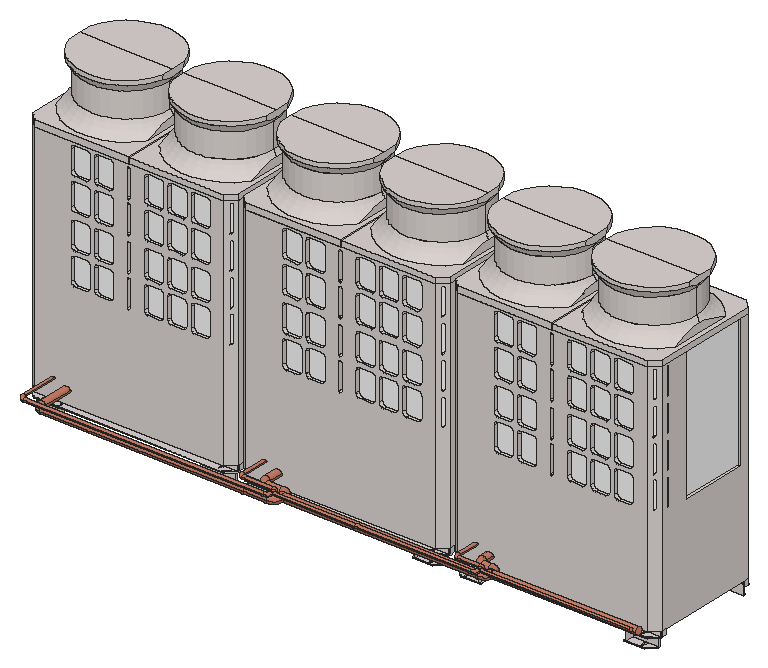
Revit family "PUHY-EP1100YSNW-A1", category 機械設備, Revit 2016 (continued)
Definition of nested family "PUHY-EP350YNW-A1"
  Dimensions and locks
    Extrusion 19 sketch curve to Extrusion 19 sketch curve = 170.800 mm
    Extrusion 20 sketch curve to Extrusion 20 sketch curve = 116.800 mm
    Extrusion 20 sketch curve to Extrusion 20 sketch curve = 170.800 mm
    Extrusion 21 sketch curve to Extrusion 21 sketch curve = 116.800 mm
    Extrusion 21 sketch curve to Extrusion 21 sketch curve = 170.800 mm
    plane 3 "Center (Left/Right)" to cut or joined group 1 (Extrusion 1, Extrusion 2, Extrusion 3, Extrusion 4, Extrusion 5, Extrusion 6, Extrusion 7, Extrusion 8, Extrusion 9, Extrusion 10, Extrusion 11, Extrusion 12, Extrusion 13, Extrusion 14, Extrusion 15, Extrusion 16, Extrusion 17, Extrusion 18, Extrusion 19, Extrusion 20, Extrusion 21, Extrusion 22, Extrusion 23, Extrusion 24, Extrusion 25, Extrusion 26, Extrusion 27, Extrusion 28, Extrusion 29, Extrusion 30, Extrusion 31, Extrusion 32, Extrusion 33) = 620.000 mm
    cut or joined group 1 to plane 3 "Center (Left/Right)" = 620.000 mm
    Extrusion 1 sketch curve to Extrusion 1 sketch curve = 1240.000 mm
    cut or joined group 1 to plane 8 = 185.000 mm
    cut or joined group 1 to plane 7 = 166.000 mm
    cut or joined group 1 to plane 6 = 110.000 mm
    cut or joined group 1 to plane 12 to cut or joined group 1 = 805.000 mm, 621.000 mm
    plane 5 to plane 2 = 1858.000 mm  (x2)
    cut or joined group 1 to plane 19 "132" = 132.000 mm
    cut or joined group 1 to plane 22 = 207.000 mm
    cut or joined group 1 to plane 23 = 256.000 mm
    cut or joined group 1 to plane 6 = 60.000 mm
    cut or joined group 1 to cut or joined group 1 = 42.154 mm
    cut or joined group 1 to cut or joined group 1 = 11.895 mm
    nested 1 to nested 3 to level = 1798.000 mm, 60.000 mm
    nested 1 to nested 1 = 303.000 mm
    nested 1 to nested 3 = 1495.000 mm
    nested 8 to nested 8 to nested 8 to nested 7 to nested 7 to nested 7 = 54.000 mm, 20.000 mm, 592.000 mm, 20.000 mm, 54.000 mm
    nested 3 to nested 3 = 56.000 mm
    plane 11 to plane 31 to plane 32 to cut or joined group 1 = 90.000 mm, 1060.000 mm, 90.000 mm
    curve 103 to nested 7 = 90.000 mm
    curve 104 to nested 7 = 125.000 mm
    curve 101 to nested 7 = 100.000 mm
    curve 11 to curve 13 to nested 7 = 84.000 mm, 71.000 mm
    cut or joined group 1 to curve 12 to curve 14 = 125.000 mm, 148.000 mm
    nested 2 to nested 7 = 1495.000 mm
    curve 87 to cut or joined group 1 = 152.000 mm
    curve 88 to cut or joined group 1 = 172.000 mm
    curve 89 to cut or joined group 1 = 216.000 mm
    cut or joined group 1 to curve 4 to curve 2 = 128.000 mm, 150.000 mm
    cut or joined group 1 to curve 1 to curve 3 = 79.000 mm, 94.000 mm
    Extrusion 32 sketch curve to nested 7 = 116.000 mm
    cut or joined group 1 to Extrusion 32 sketch curve = 160.000 mm
    cut or joined group 1 to Extrusion 33 sketch curve = 243.000 mm
    Extrusion 33 sketch curve to nested 7 = 116.000 mm
    cut or joined group 1 to cut or joined group 1 = 740.000 mm
    plane 30 to plane 4 = 740.000 mm
    aligned and locked: level to plane 2
    aligned and locked: Extrusion 1 to plane 4
  Nested families
    nested 1: "FAN GUARD" at (-311.5, 2, 860), type "FAN GUARD"
      with WIDTH 870.000 mm
    nested 2: "FAN GUARD" at (311.5, 2, 860) x (-1, 0, 0) z (0, 0, 1), type "FAN GUARD"
      with WIDTH 870.000 mm
    nested 3: "ATTACHMENT LEG" at (-524, -349, 0), type "ATTACHMENT LEG"
    nested 4: "ATTACHMENT LEG" at (-524, 349, 0), type "ATTACHMENT LEG"
    nested 5: "ATTACHMENT LEG" at (524, -349, 0) x (-1, 0, 0) z (0, 0, 1), type "ATTACHMENT LEG"
    nested 6: "ATTACHMENT LEG" at (524, 349, 0) x (-1, 0, 0) z (0, 0, 1), type "ATTACHMENT LEG"
    nested 7: "BASE LEG_L_" at (0, -352, 60), type "BASE LEG_L_"
      with Width 1240.000 mm
    nested 8: "BASE LEG_L_" at (0, 352, 60), type "BASE LEG_L_"
      with Width 1240.000 mm
  Connectors
    piping at (-460, -191, 176), diameter 25.4, driven by "Liquid pipe_radius"
      settings: on cut or joined group 1, index 3, connector inside diameter 25.4 mm, connector length 0.000 mm, flow factor 0, pipe flow 0.0 L/s, pressure drop 0.0 Pa, fitting loss kfactor 0, connector angle 0.00°, fixture units 0, engagement length 0.000 mm, angle of deflection 0.00°, flow configuration 0, flow direction 0, fitting loss method 0, system type 22, joint type 0, gender type 0, connector reference index -1, connector utility 0, adjustable connector no, is connector primary yes, connector description "Refrigerant service valve<Liquid pipe>"
    piping at (-377, -191, 176), diameter 28.58, driven by "Gas pipe_radius"
      settings: on cut or joined group 1, index 4, connector inside diameter 28.58 mm, connector length 0.000 mm, flow factor 0, pipe flow 0.0 L/s, pressure drop 0.0 Pa, fitting loss kfactor 0, connector angle 0.00°, fixture units 0, engagement length 0.000 mm, angle of deflection 0.00°, flow configuration 0, flow direction 0, fitting loss method 0, system type 22, joint type 0, gender type 0, connector reference index -1, connector utility 0, adjustable connector no, is connector primary no, connector description "Refrigerant service valve<Gas>"
    electrical at (0, -370, 808)
      settings: on cut or joined group 1, index 5, voltage 0 V, apparent load 0 VA, apparent load phase1 0 VA, apparent load phase2 0 VA, apparent load phase3 0 VA, power factor 1, load classification none, number of poles 1, system type 30, power factor state 1, is connector primary yes, connector utility no, sub classification motor no, connector description ""
  Definition of nested family "FAN GUARD"
    Parameters
      WIDTH [instance] = 870.000 mm
    Reference planes
      plane 1 "中心(正面/背面)": y = -2
      plane 2: z = 0
      plane 3 "ファンガード基準面": z = 661
      plane 4: y = 368
      plane 5: x = 366
      plane 6: x = -375
      plane 7 "ファンガード基準上面": z = 695
      plane 8 "ファンガード上面": z = 998
      plane 9: x = -273.971
      plane 10: x = 308.5
      plane 11: x = -308.5
      plane 12: x = 0
    Forms (mm)
      Extrusion 1, solid
        sketch origin (85, 0, 661) x (-1, 0, 0) y (0, -1, 0)
          loop
            line (343.5, -368) -> (393.5, -318) -> (393.5, 322) -> (343.5, 372) -> (-223.5, 372) -> (-223.5, -368) -> (343.5, -368)
        from 0 to 34
      Revolve 2, solid
        sketch origin (0, -2, 0) x (1, 0, 0) y (0, 0, 1)
          loop
            line (0, 695) -> (0, 998) -> (-290, 998) -> (-290, 972.327) -> (-260, 928.372) -> (-260, 777.384)
            arc (-260, 777.384) -> (-290.651, 730.137) -> (-334.665, 695) r 175.882
            line (-334.665, 695) -> (0, 695)
          axis (0, 998) -> (0, 695)
        angle from 0 to 360
      Extrusion 3, void
        sketch origin (-840, 75, 695) x (-1, 0, 0) y (0, -1, 0)
          loop
            line (-410, -165) -> (-410, 315) -> (-561.253, 315) -> (-561.253, -165) -> (-410, -165)
        from -35 to 430.592
      Extrusion 4, void
        sketch origin (840, 75, 695) x (1, 0, 0) y (0, 1, 0)
          loop
            line (-410, 165) -> (-561.253, 165) -> (-561.253, -315) -> (-410, -315) -> (-410, 165)
        from 0 to 430.592
    Cuts and joins
      Extrusion 3, Extrusion 4 cuts Revolve 2
      Extrusion 4 cuts Extrusion 1
    Lines and regions (mm)
      model lines
        curve 1: line (-278.747, 0, 998) -> (-80, 0, 998)
        curve 2: line (80, 0, 998) -> (278.747, 0, 998)
        curve 3: circle (0, 0, 998) r 80 normal (0, 0, 1)
        curve 4: line (-278.747, -80, 998) -> (278.747, -80, 998)
        curve 5: line (-241.868, -160, 998) -> (241.868, -160, 998)
        curve 6: line (-162.788, -240, 998) -> (162.788, -240, 998)
        curve 7: line (-278.747, 80, 998) -> (278.747, 80, 998)
        curve 8: line (-241.868, 160, 998) -> (240, 160, 998)
        curve 9: line (-160, 240, 998) -> (162.788, 240, 998)
        curve 10: line (0, 290, 998) -> (0, -290, 998)
        curve 11: line (-20, 289.31, 998) -> (-20, -289.31, 998)
        curve 12: line (-40, 287.228, 998) -> (-40, -287.228, 998)
        curve 13: line (-60, 283.725, 998) -> (-60, -283.725, 998)
        curve 14: line (-80, 278.747, 998) -> (-80, -278.747, 998)
        curve 15: line (20, 289.31, 998) -> (20, -289.31, 998)
        curve 16: line (40, 287.228, 998) -> (40, -287.228, 998)
        curve 17: line (60, 283.725, 998) -> (60, -283.725, 998)
        curve 18: line (80, 278.747, 998) -> (80, -278.747, 998)
        curve 19: line (100, 272.213, 998) -> (100, -272.213, 998)
        curve 20: line (120, 264.008, 998) -> (120, -264.008, 998)
        curve 21: line (140, 253.969, 998) -> (140, -253.969, 998)
        curve 22: line (160, 241.868, 998) -> (160, -243.132, 998)
        curve 23: line (180, 227.376, 998) -> (180, -227.624, 998)
        curve 24: line (200, 210, 998) -> (200, -210, 998)
        curve 25: line (220, 188.944, 998) -> (220, -188.944, 998)
        curve 26: line (240, 160, 998) -> (240, -162.788, 998)
        curve 27: line (260, 128.452, 998) -> (260, -128.452, 998)
        curve 28: line (-100, 272.213, 998) -> (-100, -272.213, 998)
        curve 29: line (-120, 264.008, 998) -> (-120, -264.008, 998)
        curve 30: line (-140, 253.969, 998) -> (-140, -253.969, 998)
        curve 31: line (-160, 240, 998) -> (-160, -241.868, 998)
        curve 32: line (-180, 227.376, 998) -> (-180, -227.376, 998)
        curve 33: line (-200, 210, 998) -> (-200, -210, 998)
        curve 34: line (-220, 188.944, 998) -> (-220, -188.944, 998)
        curve 35: line (-240, 162.788, 998) -> (-240, -162.788, 998)
        curve 36: line (-260, 128.452, 998) -> (-260, -128.452, 998)
        curve 37: line (10, 79.373, 998) -> (10, -79.373, 998)
        curve 38: line (-10, 79.373, 998) -> (-10, -79.373, 998)
        curve 39: line (30, 74.162, 998) -> (30, -74.162, 998)
        curve 40: line (50, 62.45, 998) -> (50, -62.45, 998)
        curve 41: line (70, 38.73, 998) -> (70, -38.73, 998)
        curve 42: line (-30, 74.162, 998) -> (-30, -74.162, 998)
        curve 43: line (-50, 62.45, 998) -> (-50, -62.45, 998)
        curve 44: line (-70, 38.73, 998) -> (-70, -38.73, 998)
    Dimensions and locks
      locked: plane 8 "ファンガード上面" to plane 7 "ファンガード基準上面" at 303
      plane 8 "ファンガード上面" to plane 3 "ファンガード基準面" = 337.000 mm
      Revolve 2 sketch curve to Revolve 2 sketch curve = 290.000 mm
      Extrusion 1 sketch curve to Extrusion 1 sketch curve = 740.000 mm
      equal spacing: Extrusion 1 sketch curve, plane 1 "中心(正面/背面)", Extrusion 1 sketch curve
      plane 6 to plane 5 = 741.000 mm
      Extrusion 1 sketch curve to Extrusion 1 sketch curve = 617.000 mm
      plane 11 to plane 10 = 617.000 mm
      cut or joined group of Extrusion 1, Extrusion 4 to cut or joined group of Extrusion 1, Extrusion 4 = 617.000 mm
      cut or joined group of Extrusion 1, Extrusion 4 to cut or joined group of Extrusion 1, Extrusion 4 = 740.000 mm
      aligned and locked: level to plane 2
      aligned and locked: plane 7 "ファンガード基準上面" to Extrusion 1
      aligned and locked: plane 3 "ファンガード基準面" to Extrusion 1
      aligned and locked: cut or joined group of Revolve 2, Extrusion 3, Extrusion 4 to plane 8 "ファンガード上面"
  Definition of nested family "ATTACHMENT LEG"
    Parameters
      Width = 145.000 mm
    Reference planes
      plane 1: z = 0
      plane 2 "中心(左/右)": x = -6
      plane 3: x = -52
      plane 4: x = 85
      plane 5: x = 93
      plane 6: y = -21
      plane 7: y = 27
      plane 8: x = -30
      plane 9: y = 39
      plane 10: z = 60
      plane 11: z = 57
      plane 12: z = 3
      plane 13: x = 82
      plane 14: y = 36
      plane 15: x = -75
      plane 16: y = 31
      plane 17 "幅": x = 93
      plane 18: y = 2.5
      plane 19: y = 21
      plane 20: y = -10
    Forms (mm)
      Extrusion 1, solid
        sketch origin (0, -1, 0) x (1, 0, 0) y (0, 1, 0)
          loop
            line (-75, 36) -> (-75, 27) -> (-28, -20) -> (93, -20) -> (93, 32) -> (85, 32) -> (85, 36) -> (-75, 36)
        from 0 to 60
      Extrusion 2, void
        sketch origin (0, -3, 0) x (1, 0, 0) y (0, 0, 1)
          loop
            line (-75, 57) -> (-75, 3) -> (82, 3) -> (82, 57) -> (-75, 57)
          loop
            line (93, 57) -> (85, 57) -> (85, 3) -> (93, 3) -> (93, 57)
        from -35 to 18
      Extrusion 3, void
        sketch origin (-6, 5.5, 0) x (1, 0, 0) y (0, 1, 0)
          loop
            arc (-7, -8.5) -> (0, -15.5) -> (7, -8.5) r 7
            line (7, -8.5) -> (7, 8.5)
            arc (7, 8.5) -> (0, 15.5) -> (-7, 8.5) r 7
            line (-7, 8.5) -> (-7, -8.5)
        from 0 to 60
    Cuts and joins
      Extrusion 2, Extrusion 3 cuts Extrusion 1
    Dimensions and locks
      locked: plane 3 to plane 4 at 137
      locked: plane 3 to plane 5 at 145
      plane 6 to plane 7 = 48.000 mm
      locked: plane 10 to level at 60
      Extrusion 3 sketch curve to plane 2 "中心(左/右)" = 7.000 mm
      locked: plane 15 to plane 2 "中心(左/右)" at 69
      locked: plane 15 to plane 8 at 45
      locked: plane 6 to plane 18 at 23.5
      cut or joined group of Extrusion 1, Extrusion 2, Extrusion 3 to cut or joined group of Extrusion 1, Extrusion 2, Extrusion 3 = 168.000 mm
      cut or joined group of Extrusion 1, Extrusion 2, Extrusion 3 to cut or joined group of Extrusion 1, Extrusion 2, Extrusion 3 = 56.000 mm  (x2)
      plane 14 to plane 6 = 57.000 mm
      aligned and locked: level to plane 1
      aligned and locked: Extrusion 1 sketch curve to plane 4
      aligned and locked: Extrusion 1 sketch curve to plane 5
      aligned: plane 8 to Extrusion 1 sketch curve
      aligned and locked: plane 10 to Extrusion 1
      aligned and locked: Extrusion 2 sketch curve to plane 11
      aligned: plane 3 to Extrusion 2 sketch curve
      aligned and locked: plane 12 to Extrusion 2 sketch curve
      aligned and locked: Extrusion 2 sketch curve to plane 13
      aligned and locked: plane 6 to Extrusion 2
      aligned and locked: plane 11 to Extrusion 2 sketch curve
      aligned and locked: plane 5 to Extrusion 2 sketch curve
      aligned and locked: Extrusion 2 sketch curve to plane 12
      aligned and locked: Extrusion 2 sketch curve to plane 4
      aligned and locked: plane 15 to Extrusion 1 sketch curve
      aligned and locked: Extrusion 2 sketch curve to cut or joined group of Extrusion 1, Extrusion 2, Extrusion 3
      aligned and locked: Extrusion 1 to plane 16
  Definition of nested family "BASE LEG_L_"
    Parameters
      Width [instance] = 1240.000 mm
    Reference planes
      plane 1 "中心(正面/背面)": y = 0
      plane 2: z = 0
      plane 3 "中心(左/右)": x = 0
      plane 4: x = 620
      plane 5: x = -620
      plane 6: x = -530
      plane 7: x = 530
      plane 8: y = -18
      plane 9: y = 39
      plane 10: z = 53
      plane 11: y = 42
      plane 12: y = 27
      plane 13: x = 575
      plane 14: x = -575
      plane 15: z = 8
      plane 16: y = 11.5
      plane 17: z = 35
    Forms (mm)
      Extrusion 1, solid
        sketch origin (0, 0, 0) x (0, 1, 0) y (0, 0, 1)
          loop
            line (-18, 0) -> (36, 0) -> (36, 32) -> (56, 32) -> (56, 35) -> (33, 35) -> (33, 3) -> (-18, 3) -> (-18, 0)
        from -620 to 620
      Extrusion 2, void
        sketch origin (0, 0, 0) x (1, 0, 0) y (0, 1, 0)
          loop
            line (575, -18) -> (620, -18) -> (620, 27) -> (575, -18)
          loop
            line (-575, -18) -> (-620, 27) -> (-620, -18) -> (-575, -18)
        from 0 to 250
      Extrusion 3, void
        sketch origin (0, 12.023, 0) x (1, 0, 0) y (0, 1, 0)
          loop
            arc (523, -2.971) -> (530, -9.971) -> (537, -2.971) r 7
            line (537, -2.971) -> (537, 3.023)
            arc (537, 3.023) -> (530, 10.023) -> (523, 3.023) r 7
            line (523, 3.023) -> (523, -2.971)
          loop
            line (-523, -2.971) -> (-523, 3.023)
            arc (-523, 3.023) -> (-530, 10.023) -> (-537, 3.023) r 7
            line (-537, 3.023) -> (-537, -2.971)
            arc (-537, -2.971) -> (-530, -9.971) -> (-523, -2.971) r 7
        from 0 to 250
      Extrusion 4, solid
        sketch origin (0, 0, -3) x (1, 0, 0) y (0, 0, 1)
          loop
            line (617, 8) -> (620, 8) -> (620, 35) -> (617, 35) -> (617, 8)
          loop
            line (-617, 8) -> (-617, 35) -> (-620, 35) -> (-620, 8) -> (-617, 8)
        from -36 to -56
      Extrusion 5, solid
        sketch origin (150, 352, 0) x (1, 0, 0) y (0, 1, 0)
          loop
            line (460, -319) -> (455, -319) -> (455, -320) -> (405, -370) -> (410, -370) -> (460, -320) -> (460, -319)
        from 3 to 35
      Extrusion 6, void
        sketch origin (560, -18, 0) x (0.707107, 0.707107, 0) y (0, 0, 1)
          loop
            line (70.711, 3) -> (-6.741, 39.767) -> (-6.741, 3) -> (70.711, 3)
        from -190.256 to 23.776
      Extrusion 7, solid
        sketch origin (-150, 352, 0) x (-1, 0, 0) y (0, -1, 0)
          loop
            line (460, 319) -> (460, 320) -> (410, 370) -> (405, 370) -> (455, 320) -> (455, 319) -> (460, 319)
        from 3 to 35
      Extrusion 8, void
        sketch origin (-560, -18, 0) x (0.707107, -0.707107, 0) y (0, 0, -1)
          loop
            line (-70.711, -3) -> (0, -35) -> (6.741, -35) -> (6.741, -3) -> (-70.711, -3)
        from -190.256 to 23.776
    Cuts and joins
      Extrusion 2, Extrusion 3 cuts Extrusion 1
      joined: Extrusion 1, Extrusion 4
      Extrusion 8 cuts Extrusion 7
      Extrusion 6 cuts Extrusion 5
    Dimensions and locks
      "Width": plane 5 to plane 4
      equal spacing: plane 5, plane 3 "中心(左/右)", plane 4
      locked: plane 5 to plane 6 at 90
      locked: plane 7 to plane 4 at 90
      locked: plane 8 to plane 9 at 57
      locked: plane 10 to level at 53
      locked: plane 9 to plane 11 at 3
      plane 8 to plane 12 = 45.000 mm
      locked: plane 13 to plane 4 at 45
      locked: plane 5 to plane 14 at 45
      equal spacing: Extrusion 3 sketch curve, plane 7, Extrusion 3 sketch curve
      equal spacing: Extrusion 3 sketch curve, plane 6, Extrusion 3 sketch curve
      locked: plane 10 to plane 15 at 45
      locked: cut or joined group of Extrusion 1, Extrusion 2, Extrusion 3, Extrusion 4 to Extrusion 4 sketch curve at 3  (x2)
      locked: plane 8 to plane 16 at 29.5
      plane 8 to plane 11 = 60.000 mm
      cut or joined group of Extrusion 1, Extrusion 2, Extrusion 3, Extrusion 4 to cut or joined group of Extrusion 1, Extrusion 2, Extrusion 3, Extrusion 4 = 35.000 mm
      aligned and locked: level to plane 2
      aligned and locked: plane 8 to Extrusion 1 sketch curve
      aligned and locked: plane 4 to Extrusion 1
      aligned and locked: Extrusion 1 to plane 5
      aligned and locked: Extrusion 2 sketch curve to plane 4
      aligned and locked: Extrusion 2 sketch curve to plane 8
      aligned and locked: plane 12 to Extrusion 2 sketch curve
      aligned and locked: plane 13 to Extrusion 2 sketch curve
      aligned and locked: plane 4 to Extrusion 4 sketch curve
      aligned and locked: plane 5 to Extrusion 4 sketch curve
      aligned and locked: cut or joined group of Extrusion 7, Extrusion 8 to cut or joined group of Extrusion 1, Extrusion 2, Extrusion 3, Extrusion 4
    Automatic sketch dimensions
      Extrusion 3 sketch curve to plane 1 "中心(正面/背面)" = 9.052 mm  (x2)
      Extrusion 3 sketch curve to plane 7 = 7.000 mm
      Extrusion 3 sketch curve to plane 1 "中心(正面/背面)" = 15.046 mm  (x2)
      Extrusion 3 sketch curve to plane 6 = 7.000 mm
      Extrusion 2 sketch curve to plane 5 = 0.000 mm
      plane 8 to Extrusion 2 sketch curve = 0.000 mm
      Extrusion 2 sketch curve to plane 14 = 0.000 mm
      plane 12 to Extrusion 2 sketch curve = 0.000 mm
      Extrusion 4 sketch curve to plane 10 = 21.000 mm
      plane 7 to Extrusion 5 sketch curve = 25.000 mm
      Extrusion 5 sketch curve to Extrusion 5 sketch curve = 5.000 mm  (x2)
      plane 7 to Extrusion 5 sketch curve = 75.000 mm
      plane 8 to Extrusion 5 sketch curve = 0.000 mm
      Extrusion 5 sketch curve to Extrusion 5 sketch curve = 50.000 mm
      Extrusion 5 sketch curve to Extrusion 5 sketch curve = 0.000 mm
      Extrusion 5 sketch curve to Extrusion 5 sketch curve = 1.000 mm
      Extrusion 6 sketch curve to Extrusion 5 = 0.000 mm  (x2)
      Extrusion 6 sketch curve to Extrusion 5 = 6.741 mm
      Extrusion 6 sketch curve to Extrusion 5 = 4.767 mm
      plane 6 to Extrusion 7 sketch curve = 25.000 mm
      Extrusion 7 sketch curve to Extrusion 7 sketch curve = 5.000 mm  (x2)
      Extrusion 7 sketch curve to Extrusion 7 sketch curve = 45.000 mm
      Extrusion 7 sketch curve to plane 8 = 0.000 mm
      Extrusion 7 sketch curve to Extrusion 7 sketch curve = 50.000 mm
      Extrusion 7 sketch curve to Extrusion 7 sketch curve = 0.000 mm
      Extrusion 7 sketch curve to Extrusion 7 sketch curve = 1.000 mm
      Extrusion 8 sketch curve to Extrusion 7 = 0.000 mm  (x2)
      Extrusion 7 to Extrusion 8 sketch curve = 0.000 mm  (x2)
      Extrusion 7 to Extrusion 8 sketch curve = 6.741 mm
      Extrusion 4 sketch curve to plane 17 = 3.000 mm
      Extrusion 4 sketch curve to plane 15 = 3.000 mm  (x2)
      Extrusion 1 sketch curve to plane 17 = 0.000 mm
      Extrusion 1 sketch curve to level = 0.000 mm
      level to Extrusion 1 sketch curve = 3.000 mm
      plane 9 to Extrusion 1 sketch curve = 6.000 mm
      plane 9 to Extrusion 1 sketch curve = 3.000 mm
      Extrusion 1 sketch curve to plane 17 = 3.000 mm
      Extrusion 1 sketch curve to plane 11 = 14.000 mm
Definition of nested family "PUHY-EP400YNW-A1"
  Parameters
    Model = "PUHY-P400YNW-A"
    URL = "http://www.mitsubishielectric.com/"
    Manufacturer = "Mitsubishi Electric Corporation"
    Liquid pipe_radius = 12.700 mm
    Gas pipe_radius = 14.290 mm
  Reference planes
    plane 1 "Center (Front/Back)": y = 0
    plane 2: z = 0
    plane 3 "Center (Left/Right)": x = 0
    plane 4: y = 370
    plane 5: z = 1858
    plane 6: y = -260
    plane 7: y = -204
    plane 8: y = -185
    plane 9: x = -620
    plane 10: x = 620
    plane 11: x = -620
    plane 12: z = 716
    plane 13: x = -524
    plane 14: z = 669
    plane 15: x = -50.5
    plane 16: x = 51
    plane 17: x = 489
    plane 18: x = 467
    plane 19 "132": x = 488
    plane 20 "100": z = 160
    plane 21: z = 185
    plane 22: x = 413
    plane 23: x = 364
    plane 24: z = 150
    plane 25: x = -287.25
    plane 26: x = -137.25
    plane 27: x = -272.25
    plane 28: y = -278
    plane 29: z = 1509
    plane 30: y = -370
    plane 31: x = -530
    plane 32: x = 530
    plane 33 "179": y = -191
  Forms (mm)
    Extrusion 1, solid
      sketch origin (-1, 0, 113) x (-1, 0, 0) y (0, -1, 0)
        loop
          line (569, -370) -> (619, -320) -> (619, 320) -> (569, 370) -> (-571, 370) -> (-621, 320) -> (-621, -320) -> (-571, -370) -> (569, -370)
      from -18 to 1408
    Extrusion 2, void
      sketch origin (524, -370, 113) x (1, 0, 0) y (0, 0, -1)
        loop
          arc (-60.8, -1393.5) -> (-42.557, -1385.943) -> (-35, -1367.7) r 25.8
          line (-35, -1367.7) -> (-35, -1248.5)
          arc (-35, -1248.5) -> (-42.557, -1230.257) -> (-60.8, -1222.7) r 25.8
          line (-60.8, -1222.7) -> (-126, -1222.7)
          arc (-126, -1222.7) -> (-144.243, -1230.257) -> (-151.8, -1248.5) r 25.8
          line (-151.8, -1248.5) -> (-151.8, -1367.7)
          arc (-151.8, -1367.7) -> (-144.243, -1385.943) -> (-126, -1393.5) r 25.8
          line (-126, -1393.5) -> (-60.8, -1393.5)
      from 0 to 20
    Extrusion 3, void
      sketch origin (524, -370, -81) x (1, 0, 0) y (0, 0, -1)
        loop
          arc (-60.8, -1393.5) -> (-42.557, -1385.943) -> (-35, -1367.7) r 25.8
          line (-35, -1367.7) -> (-35, -1248.5)
          arc (-35, -1248.5) -> (-42.557, -1230.257) -> (-60.8, -1222.7) r 25.8
          line (-60.8, -1222.7) -> (-126, -1222.7)
          arc (-126, -1222.7) -> (-144.243, -1230.257) -> (-151.8, -1248.5) r 25.8
          line (-151.8, -1248.5) -> (-151.8, -1367.7)
          arc (-151.8, -1367.7) -> (-144.243, -1385.943) -> (-126, -1393.5) r 25.8
          line (-126, -1393.5) -> (-60.8, -1393.5)
      from 0 to 20
    Extrusion 4, void
      sketch origin (524, -370, -287) x (1, 0, 0) y (0, 0, -1)
        loop
          arc (-60.8, -1393.5) -> (-42.557, -1385.943) -> (-35, -1367.7) r 25.8
          line (-35, -1367.7) -> (-35, -1248.5)
          arc (-35, -1248.5) -> (-42.557, -1230.257) -> (-60.8, -1222.7) r 25.8
          line (-60.8, -1222.7) -> (-126, -1222.7)
          arc (-126, -1222.7) -> (-144.243, -1230.257) -> (-151.8, -1248.5) r 25.8
          line (-151.8, -1248.5) -> (-151.8, -1367.7)
          arc (-151.8, -1367.7) -> (-144.243, -1385.943) -> (-126, -1393.5) r 25.8
          line (-126, -1393.5) -> (-60.8, -1393.5)
      from 0 to 20
    Extrusion 5, void
      sketch origin (524, -370, -481) x (1, 0, 0) y (0, 0, -1)
        loop
          arc (-60.8, -1393.5) -> (-42.557, -1385.943) -> (-35, -1367.7) r 25.8
          line (-35, -1367.7) -> (-35, -1248.5)
          arc (-35, -1248.5) -> (-42.557, -1230.257) -> (-60.8, -1222.7) r 25.8
          line (-60.8, -1222.7) -> (-126, -1222.7)
          arc (-126, -1222.7) -> (-144.243, -1230.257) -> (-151.8, -1248.5) r 25.8
          line (-151.8, -1248.5) -> (-151.8, -1367.7)
          arc (-151.8, -1367.7) -> (-144.243, -1385.943) -> (-126, -1393.5) r 25.8
          line (-126, -1393.5) -> (-60.8, -1393.5)
      from 0 to 20
    Extrusion 6, void
      sketch origin (384, -370, 113) x (1, 0, 0) y (0, 0, -1)
        loop
          arc (-60.8, -1393.5) -> (-42.557, -1385.943) -> (-35, -1367.7) r 25.8
          line (-35, -1367.7) -> (-35, -1248.5)
          arc (-35, -1248.5) -> (-42.557, -1230.257) -> (-60.8, -1222.7) r 25.8
          line (-60.8, -1222.7) -> (-126, -1222.7)
          arc (-126, -1222.7) -> (-144.243, -1230.257) -> (-151.8, -1248.5) r 25.8
          line (-151.8, -1248.5) -> (-151.8, -1367.7)
          arc (-151.8, -1367.7) -> (-144.243, -1385.943) -> (-126, -1393.5) r 25.8
          line (-126, -1393.5) -> (-60.8, -1393.5)
      from 0 to 20
    Extrusion 7, void
      sketch origin (384, -370, -81) x (1, 0, 0) y (0, 0, -1)
        loop
          arc (-60.8, -1393.5) -> (-42.557, -1385.943) -> (-35, -1367.7) r 25.8
          line (-35, -1367.7) -> (-35, -1248.5)
          arc (-35, -1248.5) -> (-42.557, -1230.257) -> (-60.8, -1222.7) r 25.8
          line (-60.8, -1222.7) -> (-126, -1222.7)
          arc (-126, -1222.7) -> (-144.243, -1230.257) -> (-151.8, -1248.5) r 25.8
          line (-151.8, -1248.5) -> (-151.8, -1367.7)
          arc (-151.8, -1367.7) -> (-144.243, -1385.943) -> (-126, -1393.5) r 25.8
          line (-126, -1393.5) -> (-60.8, -1393.5)
      from 0 to 20
    Extrusion 8, void
      sketch origin (384, -370, -287) x (1, 0, 0) y (0, 0, -1)
        loop
          arc (-60.8, -1393.5) -> (-42.557, -1385.943) -> (-35, -1367.7) r 25.8
          line (-35, -1367.7) -> (-35, -1248.5)
          arc (-35, -1248.5) -> (-42.557, -1230.257) -> (-60.8, -1222.7) r 25.8
          line (-60.8, -1222.7) -> (-126, -1222.7)
          arc (-126, -1222.7) -> (-144.243, -1230.257) -> (-151.8, -1248.5) r 25.8
          line (-151.8, -1248.5) -> (-151.8, -1367.7)
          arc (-151.8, -1367.7) -> (-144.243, -1385.943) -> (-126, -1393.5) r 25.8
          line (-126, -1393.5) -> (-60.8, -1393.5)
      from 0 to 20
    Extrusion 9, void
      sketch origin (384, -370, -481) x (1, 0, 0) y (0, 0, -1)
        loop
          arc (-60.8, -1393.5) -> (-42.557, -1385.943) -> (-35, -1367.7) r 25.8
          line (-35, -1367.7) -> (-35, -1248.5)
          arc (-35, -1248.5) -> (-42.557, -1230.257) -> (-60.8, -1222.7) r 25.8
          line (-60.8, -1222.7) -> (-126, -1222.7)
          arc (-126, -1222.7) -> (-144.243, -1230.257) -> (-151.8, -1248.5) r 25.8
          line (-151.8, -1248.5) -> (-151.8, -1367.7)
          arc (-151.8, -1367.7) -> (-144.243, -1385.943) -> (-126, -1393.5) r 25.8
          line (-126, -1393.5) -> (-60.8, -1393.5)
      from 0 to 20
    Extrusion 10, void
      sketch origin (244, -370, 113) x (1, 0, 0) y (0, 0, -1)
        loop
          arc (-60.8, -1393.5) -> (-42.557, -1385.943) -> (-35, -1367.7) r 25.8
          line (-35, -1367.7) -> (-35, -1248.5)
          arc (-35, -1248.5) -> (-42.557, -1230.257) -> (-60.8, -1222.7) r 25.8
          line (-60.8, -1222.7) -> (-126, -1222.7)
          arc (-126, -1222.7) -> (-144.243, -1230.257) -> (-151.8, -1248.5) r 25.8
          line (-151.8, -1248.5) -> (-151.8, -1367.7)
          arc (-151.8, -1367.7) -> (-144.243, -1385.943) -> (-126, -1393.5) r 25.8
          line (-126, -1393.5) -> (-60.8, -1393.5)
      from 0 to 20
    Extrusion 11, void
      sketch origin (244, -370, -81) x (1, 0, 0) y (0, 0, -1)
        loop
          arc (-60.8, -1393.5) -> (-42.557, -1385.943) -> (-35, -1367.7) r 25.8
          line (-35, -1367.7) -> (-35, -1248.5)
          arc (-35, -1248.5) -> (-42.557, -1230.257) -> (-60.8, -1222.7) r 25.8
          line (-60.8, -1222.7) -> (-126, -1222.7)
          arc (-126, -1222.7) -> (-144.243, -1230.257) -> (-151.8, -1248.5) r 25.8
          line (-151.8, -1248.5) -> (-151.8, -1367.7)
          arc (-151.8, -1367.7) -> (-144.243, -1385.943) -> (-126, -1393.5) r 25.8
          line (-126, -1393.5) -> (-60.8, -1393.5)
      from 0 to 20
    Extrusion 12, void
      sketch origin (244, -370, -287) x (1, 0, 0) y (0, 0, -1)
        loop
          arc (-60.8, -1393.5) -> (-42.557, -1385.943) -> (-35, -1367.7) r 25.8
          line (-35, -1367.7) -> (-35, -1248.5)
          arc (-35, -1248.5) -> (-42.557, -1230.257) -> (-60.8, -1222.7) r 25.8
          line (-60.8, -1222.7) -> (-126, -1222.7)
          arc (-126, -1222.7) -> (-144.243, -1230.257) -> (-151.8, -1248.5) r 25.8
          line (-151.8, -1248.5) -> (-151.8, -1367.7)
          arc (-151.8, -1367.7) -> (-144.243, -1385.943) -> (-126, -1393.5) r 25.8
          line (-126, -1393.5) -> (-60.8, -1393.5)
      from 0 to 20
    Extrusion 13, void
      sketch origin (244, -370, -481) x (1, 0, 0) y (0, 0, -1)
        loop
          arc (-60.8, -1393.5) -> (-42.557, -1385.943) -> (-35, -1367.7) r 25.8
          line (-35, -1367.7) -> (-35, -1248.5)
          arc (-35, -1248.5) -> (-42.557, -1230.257) -> (-60.8, -1222.7) r 25.8
          line (-60.8, -1222.7) -> (-126, -1222.7)
          arc (-126, -1222.7) -> (-144.243, -1230.257) -> (-151.8, -1248.5) r 25.8
          line (-151.8, -1248.5) -> (-151.8, -1367.7)
          arc (-151.8, -1367.7) -> (-144.243, -1385.943) -> (-126, -1393.5) r 25.8
          line (-126, -1393.5) -> (-60.8, -1393.5)
      from 0 to 20
    Extrusion 14, void
      sketch origin (-56, -370, 113) x (1, 0, 0) y (0, 0, -1)
        loop
          arc (-60.8, -1393.5) -> (-42.557, -1385.943) -> (-35, -1367.7) r 25.8
          line (-35, -1367.7) -> (-35, -1248.5)
          arc (-35, -1248.5) -> (-42.557, -1230.257) -> (-60.8, -1222.7) r 25.8
          line (-60.8, -1222.7) -> (-126, -1222.7)
          arc (-126, -1222.7) -> (-144.243, -1230.257) -> (-151.8, -1248.5) r 25.8
          line (-151.8, -1248.5) -> (-151.8, -1367.7)
          arc (-151.8, -1367.7) -> (-144.243, -1385.943) -> (-126, -1393.5) r 25.8
          line (-126, -1393.5) -> (-60.8, -1393.5)
      from 0 to 20
    Extrusion 15, void
      sketch origin (-56, -370, -81) x (1, 0, 0) y (0, 0, -1)
        loop
          arc (-60.8, -1393.5) -> (-42.557, -1385.943) -> (-35, -1367.7) r 25.8
          line (-35, -1367.7) -> (-35, -1248.5)
          arc (-35, -1248.5) -> (-42.557, -1230.257) -> (-60.8, -1222.7) r 25.8
          line (-60.8, -1222.7) -> (-126, -1222.7)
          arc (-126, -1222.7) -> (-144.243, -1230.257) -> (-151.8, -1248.5) r 25.8
          line (-151.8, -1248.5) -> (-151.8, -1367.7)
          arc (-151.8, -1367.7) -> (-144.243, -1385.943) -> (-126, -1393.5) r 25.8
          line (-126, -1393.5) -> (-60.8, -1393.5)
      from 0 to 20
    Extrusion 16, void
      sketch origin (-56, -370, -287) x (1, 0, 0) y (0, 0, -1)
        loop
          arc (-60.8, -1393.5) -> (-42.557, -1385.943) -> (-35, -1367.7) r 25.8
          line (-35, -1367.7) -> (-35, -1248.5)
          arc (-35, -1248.5) -> (-42.557, -1230.257) -> (-60.8, -1222.7) r 25.8
          line (-60.8, -1222.7) -> (-126, -1222.7)
          arc (-126, -1222.7) -> (-144.243, -1230.257) -> (-151.8, -1248.5) r 25.8
          line (-151.8, -1248.5) -> (-151.8, -1367.7)
          arc (-151.8, -1367.7) -> (-144.243, -1385.943) -> (-126, -1393.5) r 25.8
          line (-126, -1393.5) -> (-60.8, -1393.5)
      from 0 to 20
    Extrusion 17, void
      sketch origin (-56, -370, -481) x (1, 0, 0) y (0, 0, -1)
        loop
          arc (-60.8, -1393.5) -> (-42.557, -1385.943) -> (-35, -1367.7) r 25.8
          line (-35, -1367.7) -> (-35, -1248.5)
          arc (-35, -1248.5) -> (-42.557, -1230.257) -> (-60.8, -1222.7) r 25.8
          line (-60.8, -1222.7) -> (-126, -1222.7)
          arc (-126, -1222.7) -> (-144.243, -1230.257) -> (-151.8, -1248.5) r 25.8
          line (-151.8, -1248.5) -> (-151.8, -1367.7)
          arc (-151.8, -1367.7) -> (-144.243, -1385.943) -> (-126, -1393.5) r 25.8
          line (-126, -1393.5) -> (-60.8, -1393.5)
      from 0 to 20
    Extrusion 18, void
      sketch origin (-196, -370, 113) x (1, 0, 0) y (0, 0, -1)
        loop
          arc (-60.8, -1393.5) -> (-42.557, -1385.943) -> (-35, -1367.7) r 25.8
          line (-35, -1367.7) -> (-35, -1248.5)
          arc (-35, -1248.5) -> (-42.557, -1230.257) -> (-60.8, -1222.7) r 25.8
          line (-60.8, -1222.7) -> (-126, -1222.7)
          arc (-126, -1222.7) -> (-144.243, -1230.257) -> (-151.8, -1248.5) r 25.8
          line (-151.8, -1248.5) -> (-151.8, -1367.7)
          arc (-151.8, -1367.7) -> (-144.243, -1385.943) -> (-126, -1393.5) r 25.8
          line (-126, -1393.5) -> (-60.8, -1393.5)
      from 0 to 20
    Extrusion 19, void
      sketch origin (-196, -370, -81) x (1, 0, 0) y (0, 0, -1)
        loop
          arc (-60.8, -1393.5) -> (-42.557, -1385.943) -> (-35, -1367.7) r 25.8
          line (-35, -1367.7) -> (-35, -1248.5)
          arc (-35, -1248.5) -> (-42.557, -1230.257) -> (-60.8, -1222.7) r 25.8
          line (-60.8, -1222.7) -> (-126, -1222.7)
          arc (-126, -1222.7) -> (-144.243, -1230.257) -> (-151.8, -1248.5) r 25.8
          line (-151.8, -1248.5) -> (-151.8, -1367.7)
          arc (-151.8, -1367.7) -> (-144.243, -1385.943) -> (-126, -1393.5) r 25.8
          line (-126, -1393.5) -> (-60.8, -1393.5)
      from 0 to 20
    Extrusion 20, void
      sketch origin (-196, -370, -287) x (1, 0, 0) y (0, 0, -1)
        loop
          arc (-60.8, -1393.5) -> (-42.557, -1385.943) -> (-35, -1367.7) r 25.8
          line (-35, -1367.7) -> (-35, -1248.5)
          arc (-35, -1248.5) -> (-42.557, -1230.257) -> (-60.8, -1222.7) r 25.8
          line (-60.8, -1222.7) -> (-126, -1222.7)
          arc (-126, -1222.7) -> (-144.243, -1230.257) -> (-151.8, -1248.5) r 25.8
          line (-151.8, -1248.5) -> (-151.8, -1367.7)
          arc (-151.8, -1367.7) -> (-144.243, -1385.943) -> (-126, -1393.5) r 25.8
          line (-126, -1393.5) -> (-60.8, -1393.5)
      from 0 to 20
    Extrusion 21, void
      sketch origin (-196, -370, -481) x (1, 0, 0) y (0, 0, -1)
        loop
          arc (-60.8, -1393.5) -> (-42.557, -1385.943) -> (-35, -1367.7) r 25.8
          line (-35, -1367.7) -> (-35, -1248.5)
          arc (-35, -1248.5) -> (-42.557, -1230.257) -> (-60.8, -1222.7) r 25.8
          line (-60.8, -1222.7) -> (-126, -1222.7)
          arc (-126, -1222.7) -> (-144.243, -1230.257) -> (-151.8, -1248.5) r 25.8
          line (-151.8, -1248.5) -> (-151.8, -1367.7)
          arc (-151.8, -1367.7) -> (-144.243, -1385.943) -> (-126, -1393.5) r 25.8
          line (-126, -1393.5) -> (-60.8, -1393.5)
      from 0 to 20
    Extrusion 22, void
      sketch origin (620, 320, 113) x (0, 1, 0) y (0, 0, -1)
        loop
          line (-462.3, -1408) -> (-50.8, -1408) -> (-50.8, -612) -> (-462.3, -612) -> (-462.3, -1408)
      from 0 to 20
    Extrusion 23, void
      sketch origin (-620, -320, 113) x (0, -1, 0) y (0, 0, -1)
        loop
          line (-535.7, -1408) -> (-207.7, -1408) -> (-207.7, -592) -> (-535.7, -592) -> (-535.7, -1408)
      from 0 to 20
    Extrusion 24, void
      sketch origin (194.892, 370, 113) x (-1, 0, 0) y (0, 0, -1)
        loop
          arc (204.892, -1225.013) -> (194.892, -1215.013) -> (184.892, -1225.013) r 10
          line (184.892, -1225.013) -> (184.892, -1379.987)
          arc (184.892, -1379.987) -> (194.892, -1389.987) -> (204.892, -1379.987) r 10
          line (204.892, -1379.987) -> (204.892, -1225.013)
        loop
          arc (204.892, -1031.013) -> (194.892, -1021.013) -> (184.892, -1031.013) r 10
          line (184.892, -1031.013) -> (184.892, -1185.987)
          arc (184.892, -1185.987) -> (194.892, -1195.987) -> (204.892, -1185.987) r 10
          line (204.892, -1185.987) -> (204.892, -1031.013)
        loop
          arc (204.892, -825.013) -> (194.892, -815.013) -> (184.892, -825.013) r 10
          line (184.892, -825.013) -> (184.892, -979.987)
          arc (184.892, -979.987) -> (194.892, -989.987) -> (204.892, -979.987) r 10
          line (204.892, -979.987) -> (204.892, -825.013)
        loop
          arc (204.892, -631.013) -> (194.892, -621.013) -> (184.892, -631.013) r 10
          line (184.892, -631.013) -> (184.892, -785.987)
          arc (184.892, -785.987) -> (194.892, -795.987) -> (204.892, -785.987) r 10
          line (204.892, -785.987) -> (204.892, -631.013)
      from 0 to 20
    Extrusion 25, void
      sketch origin (-570, 370, 113) x (0.707107, 0.707107, 0) y (0, 0, 1)
        loop
          arc (-45.355, 1236) -> (-35.355, 1226) -> (-25.355, 1236) r 10
          line (-25.355, 1236) -> (-25.355, 1386)
          arc (-25.355, 1386) -> (-35.355, 1396) -> (-45.355, 1386) r 10
          line (-45.355, 1386) -> (-45.355, 1236)
        loop
          arc (-45.355, 1036) -> (-35.355, 1026) -> (-25.355, 1036) r 10
          line (-25.355, 1036) -> (-25.355, 1186)
          arc (-25.355, 1186) -> (-35.355, 1196) -> (-45.355, 1186) r 10
          line (-45.355, 1186) -> (-45.355, 1036)
        loop
          arc (-45.355, 836) -> (-35.355, 826) -> (-25.355, 836) r 10
          line (-25.355, 836) -> (-25.355, 986)
          arc (-25.355, 986) -> (-35.355, 996) -> (-45.355, 986) r 10
          line (-45.355, 986) -> (-45.355, 836)
        loop
          arc (-45.355, 641) -> (-35.355, 631) -> (-25.355, 641) r 10
          line (-25.355, 641) -> (-25.355, 791)
          arc (-25.355, 791) -> (-35.355, 801) -> (-45.355, 791) r 10
          line (-45.355, 791) -> (-45.355, 641)
      from 0 to 20
    Extrusion 26, void
      sketch origin (-620, -320, 113) x (0, -1, 0) y (0, 0, -1)
        loop
          line (-607.846, -1035.895) -> (-607.846, -1186.105)
          arc (-607.846, -1186.105) -> (-597.846, -1196.105) -> (-587.846, -1186.105) r 10
          line (-587.846, -1186.105) -> (-587.846, -1035.895)
          arc (-587.846, -1035.895) -> (-597.846, -1025.895) -> (-607.846, -1035.895) r 10
        loop
          line (-607.846, -835.895) -> (-607.846, -986.105)
          arc (-607.846, -986.105) -> (-597.846, -996.105) -> (-587.846, -986.105) r 10
          line (-587.846, -986.105) -> (-587.846, -835.895)
          arc (-587.846, -835.895) -> (-597.846, -825.895) -> (-607.846, -835.895) r 10
        loop
          line (-607.846, -1235.895) -> (-607.846, -1386.105)
          arc (-607.846, -1386.105) -> (-597.846, -1396.105) -> (-587.846, -1386.105) r 10
          line (-587.846, -1386.105) -> (-587.846, -1235.895)
          arc (-587.846, -1235.895) -> (-597.846, -1225.895) -> (-607.846, -1235.895) r 10
        loop
          line (-607.846, -635.895) -> (-607.846, -786.105)
          arc (-607.846, -786.105) -> (-597.846, -796.105) -> (-587.846, -786.105) r 10
          line (-587.846, -786.105) -> (-587.846, -635.895)
          arc (-587.846, -635.895) -> (-597.846, -625.895) -> (-607.846, -635.895) r 10
      from 0 to 20
    Extrusion 27, void
      sketch origin (1079, -370, 113) x (1, 0, 0) y (0, 0, -1)
        loop
          arc (-1089, -1379.975) -> (-1079, -1389.975) -> (-1069, -1379.975) r 10
          line (-1069, -1379.975) -> (-1069, -1225)
          arc (-1069, -1225) -> (-1079, -1215) -> (-1089, -1225) r 10
          line (-1089, -1225) -> (-1089, -1379.975)
        loop
          arc (-1089, -1185.975) -> (-1079, -1195.975) -> (-1069, -1185.975) r 10
          line (-1069, -1185.975) -> (-1069, -1031)
          arc (-1069, -1031) -> (-1079, -1021) -> (-1089, -1031) r 10
          line (-1089, -1031) -> (-1089, -1185.975)
        loop
          arc (-1089, -979.975) -> (-1079, -989.975) -> (-1069, -979.975) r 10
          line (-1069, -979.975) -> (-1069, -825)
          arc (-1069, -825) -> (-1079, -815) -> (-1089, -825) r 10
          line (-1089, -825) -> (-1089, -979.975)
        loop
          arc (-1089, -785.975) -> (-1079, -795.975) -> (-1069, -785.975) r 10
          line (-1069, -785.975) -> (-1069, -631)
          arc (-1069, -631) -> (-1079, -621) -> (-1089, -631) r 10
          line (-1089, -631) -> (-1089, -785.975)
      from 0 to 20
    Extrusion 28, void
      sketch origin (-571, 370, 113) x (-1, 0, 0) y (0, 0, -1)
        loop
          line (-519.5, -1408) -> (-48, -1408) -> (-48, -556) -> (-519.5, -556) -> (-519.5, -1408)
      from 0 to 20
    Extrusion 29, void
      sketch origin (-571, 370, 113) x (-1, 0, 0) y (0, 0, -1)
        loop
          line (-1038, -1408) -> (-622, -1408) -> (-622, -556) -> (-1038, -556) -> (-1038, -1408)
      from 0 to 20
    Extrusion 30, void
      sketch origin (620, 320, 113) x (0, 1, 0) y (0, 0, -1)
        loop
          arc (-588, -1035.791) -> (-598, -1025.791) -> (-608, -1035.791) r 10
          line (-608, -1035.791) -> (-608, -1186)
          arc (-608, -1186) -> (-598, -1196) -> (-588, -1186) r 10
          line (-588, -1186) -> (-588, -1035.791)
        loop
          arc (-588, -835.791) -> (-598, -825.791) -> (-608, -835.791) r 10
          line (-608, -835.791) -> (-608, -986)
          arc (-608, -986) -> (-598, -996) -> (-588, -986) r 10
          line (-588, -986) -> (-588, -835.791)
        loop
          arc (-588, -1235.791) -> (-598, -1225.791) -> (-608, -1235.791) r 10
          line (-608, -1235.791) -> (-608, -1386)
          arc (-608, -1386) -> (-598, -1396) -> (-588, -1386) r 10
          line (-588, -1386) -> (-588, -1235.791)
        loop
          arc (-588, -635.791) -> (-598, -625.791) -> (-608, -635.791) r 10
          line (-608, -635.791) -> (-608, -786)
          arc (-608, -786) -> (-598, -796) -> (-588, -786) r 10
          line (-588, -786) -> (-588, -635.791)
      from 0 to 20
    Extrusion 31, void
      sketch origin (1291.751, 351.751, 113) x (0.707107, 0.707107, 0) y (0, 0, -1)
        loop
          line (-995.311, -1236) -> (-995.311, -1386)
          arc (-995.311, -1386) -> (-985.311, -1396) -> (-975.311, -1386) r 10
          line (-975.311, -1386) -> (-975.311, -1236)
          arc (-975.311, -1236) -> (-985.311, -1226) -> (-995.311, -1236) r 10
        loop
          line (-995.311, -1036) -> (-995.311, -1186)
          arc (-995.311, -1186) -> (-985.311, -1196) -> (-975.311, -1186) r 10
          line (-975.311, -1186) -> (-975.311, -1036)
          arc (-975.311, -1036) -> (-985.311, -1026) -> (-995.311, -1036) r 10
        loop
          line (-995.311, -836) -> (-995.311, -986)
          arc (-995.311, -986) -> (-985.311, -996) -> (-975.311, -986) r 10
          line (-975.311, -986) -> (-975.311, -836)
          arc (-975.311, -836) -> (-985.311, -826) -> (-995.311, -836) r 10
        loop
          line (-995.311, -641) -> (-995.311, -791)
          arc (-995.311, -791) -> (-985.311, -801) -> (-975.311, -791) r 10
          line (-975.311, -791) -> (-975.311, -641)
          arc (-975.311, -641) -> (-985.311, -631) -> (-995.311, -641) r 10
      from 0 to 20
    Extrusion 32, void
      sketch origin (0, -191, 0) x (-1, 0, 0) y (0, 0, 1)
        loop
          circle (460, 176) r 6.35
      from 0 to 78.7
    Extrusion 33, void
      sketch origin (0, -191, 0) x (-1, 0, 0) y (0, 0, 1)
        loop
          circle (377, 176) r 14.29
      from 0 to 78.7
